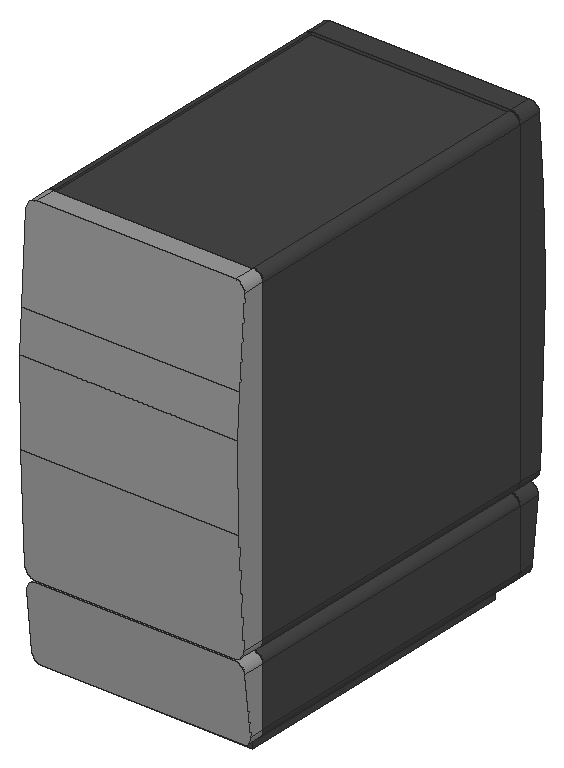
Revit family "Franke_Refrigeration_side_unit_SU05_CM-A200_FM_CM(USA)", category Specialty Equipment, Revit 2015
Parameters (values of type "Refrigeration side unit SU05 CM-A200 FM CM(120V/anthracite/USA)")
  URL = "https://www.franke.com/main/en/cs/products/product-search.html"
  Depth (mm) = 475 mm
  Temperature range = "+ 3° C to +8° C"
  Volts min. = 120 V
  Volts max. = 0 V
  Max Overcurrent Protection = "-"
  Cycle Alternative = 0 Hz
  Cycle = 60 Hz
  Model = "410871 - Refrigeration side unit SU05 CM - A200 FM CM"
  Milk storage = "5 l"
  Watts min. = 1440 W
  Watts max. = 0 W
  Cost = 0
  Height (mm) = 544 mm
  Manufacturer = "Franke"
  Energy loss acc. to DIN 18873 = "0.460 kWh/24 h - 230 V"
  Width (mm) = 270 mm
  Description = "Refrigeration side unit SU05 for storage of cooled milk"
  Assembly Code = "Refrigeration side unit SU05"
  Keynote = "Refrigeration side unit SU05"
  Weight = "25 kg"
  Number of Poles = 1
  Number of Protective Conductors = "1"
  Number of Nutral Conductors = "1"
  Frontcover = Franke Anthracite
Types (3, lengths in mm): name | Frontcover
  (no name) | Franke Anthracite
  Refrigeration side unit SU05 CM-A200 FM CM(120V/black line/USA) | Franke Black
  Refrigeration side unit SU05 CM-A200 FM CM(120V/anthracite/USA) | Franke Anthracite
Reference planes
  plane 1 "Mitte (Vorne/Hinten)": y = 0
  plane 2: z = 0
  plane 3 "Mitte (Links/Rechts)": x = 0
Forms (mm)
  Extrusion 1, solid, material "Franke Black"
    sketch origin (0, 0, -42) x (1, 0, 0) y (0, 0, 1)
      loop
        line (123, 586) -> (-123, 586)
        arc (-123, 586) -> (-131.485, 582.485) -> (-135, 574) r 12
        line (-135, 574) -> (-135, 178)
        arc (-135, 178) -> (-131.485, 169.515) -> (-123, 166) r 12
        line (-123, 166) -> (123, 166)
        arc (123, 166) -> (131.485, 169.515) -> (135, 178) r 12
        line (135, 178) -> (135, 574)
        arc (135, 574) -> (131.485, 582.485) -> (123, 586) r 12
      loop
        arc (-135, 78) -> (-131.485, 69.515) -> (-123, 66) r 12
        line (-123, 66) -> (123, 66)
        arc (123, 66) -> (131.485, 69.515) -> (135, 78) r 12
        line (135, 78) -> (135, 151)
        arc (135, 151) -> (131.485, 159.485) -> (123, 163) r 12
        line (123, 163) -> (-123, 163)
        arc (-123, 163) -> (-131.485, 159.485) -> (-135, 151) r 12
        line (-135, 151) -> (-135, 78)
    from -198.03 to 198.03
  Extrusion 2, solid, material "Franke Black"
    sketch origin (0, 0, -42) x (1, 0, 0) y (0, 0, 1)
      loop
        line (-114, 66) -> (-114, 46) -> (114, 46) -> (114, 66) -> (-114, 66)
    from -186.97 to 188.03
  Extrusion 3, solid, material "Franke Anthracite" <- "Frontcover"
    sketch origin (0, 0, -42) x (0, 1, 0) y (0, 0, 1)
      loop
        line (-199.53, 586) -> (-226.03, 586)
        arc (-226.03, 586) -> (-230.318, 527.256) -> (-234.387, 468.497) r 15843.742
        arc (-234.387, 468.497) -> (-235.812, 442.176) -> (-236.543, 415.826) r 1000
        arc (-236.543, 415.826) -> (-236.783, 362.852) -> (-235.96, 309.883) r 2640.505
        arc (-235.96, 309.883) -> (-232.928, 237.872) -> (-227.52, 166) r 2182.336
        line (-227.52, 166) -> (-199.53, 166) -> (-199.53, 586)
      loop
        arc (-227.242, 163) -> (-222.173, 114.438) -> (-216.03, 66) r 2207.212
        line (-216.03, 66) -> (-199.53, 66) -> (-199.53, 163) -> (-227.242, 163)
    from -135 to 135
  Extrusion 4, solid, material "Franke Black"
    sketch origin (0, 0, -42) x (1, 0, 0) y (0, 0, 1)
      loop
        line (-120, 576) -> (-120, 66) -> (120, 66) -> (120, 576) -> (-120, 576)
    from 198.03 to 199.53
  Extrusion 5, solid, material "Franke Black"
    sketch origin (0, 397.56, -42) x (1, 0, 0) y (0, 0, 1)
      loop
        line (-120, 576) -> (-120, 66) -> (120, 66) -> (120, 576) -> (-120, 576)
    from 198.03 to 199.53
  Extrusion 6, solid, material "Franke Black"
    sketch origin (0, 0, -42) x (1, 0, 0) y (0, 1, 0)
      loop
        line (-107.375, 116.841) -> (-107.375, 95.391) -> (-90.625, 95.391) -> (-90.625, 116.841) -> (-107.375, 116.841)
      loop
        line (-107.375, -98.159) -> (-107.375, -119.609) -> (-90.625, -119.609) -> (-90.625, -98.159) -> (-107.375, -98.159)
      loop
        line (107.375, 116.841) -> (90.625, 116.841) -> (90.625, 95.391) -> (107.375, 95.391) -> (107.375, 116.841)
      loop
        line (107.375, -98.159) -> (90.625, -98.159) -> (90.625, -119.609) -> (107.375, -119.609) -> (107.375, -98.159)
    from 42 to 46
  Extrusion 7, solid, material "Franke Black"
    sketch origin (0, 0, -42) x (0, 1, 0) y (0, 0, 1)
      loop
        line (228.03, 586) -> (199.53, 586) -> (199.53, 166) -> (227.909, 166)
        arc (227.909, 166) -> (234.785, 268.409) -> (237.114, 371.022) r 2314.482
        arc (237.114, 371.022) -> (237.115, 384.228) -> (237.104, 397.434) r 15169.055
        arc (237.104, 397.434) -> (236.381, 442.975) -> (234.325, 488.477) r 1555
        arc (234.325, 488.477) -> (231.291, 537.246) -> (228.03, 586) r 10528.092
      loop
        line (199.53, 66) -> (216.03, 66)
        arc (216.03, 66) -> (222.776, 114.386) -> (227.62, 163) r 1246.054
        line (227.62, 163) -> (199.53, 163) -> (199.53, 66)
    from -135 to 135
  Extrusion 8, void
    sketch origin (0, 0, -42) x (1, 0, 0) y (0, 0, 1)
      loop
        line (-123, 586) -> (-123, 596) -> (-145, 596) -> (-145, 574) -> (-135, 574)
        arc (-135, 574) -> (-131.485, 582.485) -> (-123, 586) r 12
      loop
        arc (123, 586) -> (131.485, 582.485) -> (135, 574) r 12
        line (135, 574) -> (145, 574) -> (145, 596) -> (123, 596) -> (123, 586)
      loop
        arc (-123, 166) -> (-131.485, 169.515) -> (-135, 178) r 12
        line (-135, 178) -> (-145, 178) -> (-145, 151) -> (-135, 151)
        arc (-135, 151) -> (-131.485, 159.485) -> (-123, 163) r 12
        line (-123, 163) -> (-123, 166)
      loop
        line (123, 66) -> (123, 56) -> (145, 56) -> (145, 78) -> (135, 78)
        arc (135, 78) -> (131.485, 69.515) -> (123, 66) r 12
      loop
        arc (-123, 66) -> (-131.485, 69.515) -> (-135, 78) r 12
        line (-135, 78) -> (-145, 78) -> (-145, 56) -> (-123, 56) -> (-123, 66)
      loop
        line (123, 166) -> (123, 163)
        arc (123, 163) -> (131.485, 159.485) -> (135, 151) r 12
        line (135, 151) -> (145, 151) -> (145, 178) -> (135, 178)
        arc (135, 178) -> (131.485, 169.515) -> (123, 166) r 12
    from -299.15 to 303.805
  Extrusion 9, void
    sketch origin (0, 0, -42) x (1, 0, 0) y (0, 1, 0)
      loop
        circle (-92.5, 137.316) r 16
      loop
        circle (-92.5, -140.084) r 16
      loop
        circle (92.5, 137.316) r 16
      loop
        circle (92.5, -140.084) r 16
    from 18.481 to 51
  Extrusion 10, solid, material "Franke Chrome"
    sketch origin (0, 0, 0) x (1, 0, 0) y (0, 1, 0)
      loop
        circle (0, 157.898) r 2.5
    from 0 to 4
  Extrusion 11, void
    sketch origin (-662.928, -2000, 0) x (1, 0, 0) y (0, 1, 0)
      loop
        line (539.928, 1766.374) -> (785.928, 1766.374) -> (785.928, 2217.396) -> (539.928, 2217.396) -> (539.928, 1766.374)
    from 542.002 to 621.958
Cuts and joins
  Extrusion 8 cuts Extrusion 7
  Extrusion 9 cuts Extrusion 2
  Extrusion 8 cuts Extrusion 3
  Extrusion 11 cuts Extrusion 1
Dimensions and locks
  aligned and locked: level to plane 2
Connectors
  electrical at (0, 157.898, 0), driven by "Number of Poles", driven by "Volts max."
    settings: on Extrusion 10, index 1, voltage 0 V, apparent load 0 VA, apparent load phase1 0 VA, apparent load phase2 0 VA, apparent load phase3 0 VA, power factor 1, load classification "Strom", number of poles 1, system type 31, power factor state 1, is connector primary yes, connector utility no, sub classification motor no, connector description ""
